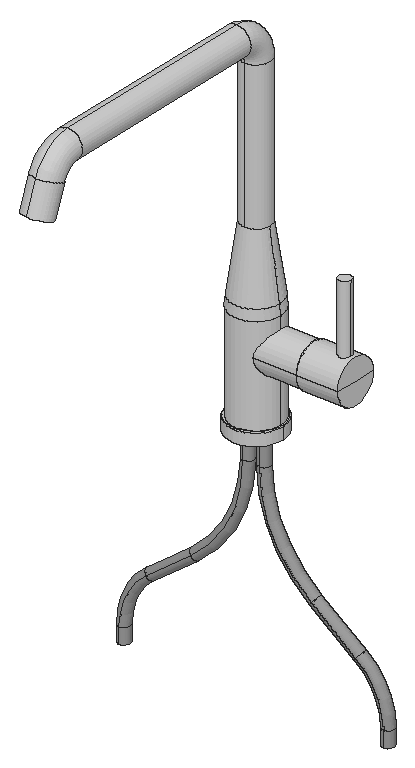
Revit family "Plumbing_Fixtures_Grohe_Essence_Single_Lever_Basin_Mixer_U_Spout_(L)_30269000-14-METRIC", category Plumbing Fixtures, host Face, Revit 2014
Parameters
  _distributed by = "www.bimstore.co.uk"
  _current revision = 1  # constant formula
  _created by = "Connor Laing"  # constant formula
  _BIMspec_GUID = 0
  Width = 220 mm
  Waste Connection = no
  WarrantyStartDate [instance] = ""
  WarrantyGuarantorParts = ""
  WarrantyGuarantorLabor = ""
  WarrantyDurationUnit = "Years"  # constant formula
  WarrantyDurationParts = ""
  WarrantyDurationLabor = ""
  WarrantyDescription = ""
  WFU = 0
  Vent Connection = no
  URL = "www.grohe.com"
  TypeName = Model  # "Essence OHM - Single Lever Basin Mixer U Spout Large - 30269000"
  Type Comments = Description  # "Single Lever Basin Mixer U Spout (Large)"
  TagNumber = ""
  SpareParts = ""
  Size = ""
  Shape = ""
  SerialNumber [instance] = ""
  ReplacementCost = ""
  ReferencedStandard = ""
  ProductionYear = ""
  Percentage of Recycled Content = ""
  Name = Model  # "Essence OHM - Single Lever Basin Mixer U Spout Large - 30269000"
  NBSReference = "45-35-70/371"  # constant formula
  NBSObjectName = "Washbasin taps"  # constant formula
  NBSNote = ""
  NBSDescription = "Water supply fittings for wash basins and troughs"  # constant formula
  ModelNumber = "30269000"  # constant formula
  Model = "Essence OHM - Single Lever Basin Mixer U Spout Large - 30269000"  # constant formula
  Material = "Chrome"  # constant formula
  Manufacturer = "Grohe"  # constant formula
  Low Emitting Material = no
  LEED Credit = ""
  Keynote = "N13"
  InstallationDate [instance] = ""
  Height = 300 mm
  HWFU = 0
  HW Connection = yes
  Grade = ""
  Finish = "Chrome"  # constant formula
  Features = ""
  Faucet Material = Grohe-Chrome
  Extidentifier = ""
  ExpectedLife = 0
  DurationUnit = "Years"  # constant formula
  DocumentationTechnical = "http://www.grohe.co.uk/pim/profile/1000000/000000/20000/3000/200/121897.pdf"
  DocumentationLiterature = "http://www.grohe.co.uk/pim/profile/1000000/000000/20000/3000/200/121897.pdf"
  DocumentationInstallationGuide = "http://cdn08.grohe.com/lib/1/tpi/1852290.pdf"
  DocumentationCertificates = "http://www.grohe.co.uk/en_gb/essence-plus-single-lever-sink-mixer-1-2-30269000.html"
  Description = "Single Lever Basin Mixer U Spout (Large)"  # constant formula
  Default Elevation = 600 mm
  CreatedOn = "August 2015"  # constant formula
  CreatedBy = "info-uk@grohe.com"  # constant formula
  Cost = 0
  Contact Grohe = "GROHE Limited, World Business Centre 2, Newall Road, London Heathrow Airport, Hounslow, Middlesex, TW6 2SF - Tel: +44 (0) 871 200 3414 - Fax: +44 (0) 871 200 3415 - EMail: info-uk@grohe.com"  # constant formula
  Constituents = ""
  Color = "Chrome"  # constant formula
  CodePerformance = ""
  ClassificationValue = "Pr_40_20_87_98"  # constant formula
  ClassificationName = "Uniclass 2015"  # constant formula
  CWFU = 0
  CW Connection = yes
  BarCode [instance] = ""
  AssetType = "Fixed"  # constant formula
  AssetIdentifier [instance] = ""
  Assembly Code = "C1030220"
  AccessibilityPerformance = ""
Reference planes
  plane 1 "Center (Front/Back)": y = 0
  plane 2: z = 0
  plane 3 "Center (Left/Right)": x = 0
  plane 4: z = 0
  plane 5: z = 10
  plane 6: z = 62.512
  plane 7: z = 250
  plane 8: z = 300
  plane 9: y = -220
Forms (mm)
  Revolve 1, solid, material "Grohe-Chrome" <- "Faucet Material"
    sketch origin (-250, 0, 0) x (1, 0, 0) y (0, 0, 1)
      loop
        line (270, 10) -> (270, 88.925)
        arc (270, 88.925) -> (269.819, 93.18) -> (269.276, 97.405) r 50
        arc (269.276, 97.405) -> (265.009, 124.127) -> (261.39, 150.945) r 1117.869
        line (261.39, 150.945) -> (250, 150.945) -> (250, 0) -> (272, 0) -> (272, 9.5)
        arc (272, 9.5) -> (271.854, 9.854) -> (271.5, 10) r 0.5
        line (271.5, 10) -> (270, 10)
      axis (250, 150.945) -> (250, 0)
    angle from 0 to 360
  Sweep 2, solid, material "Grohe-Pipework"
    path in 3D
      loop
        line (6.565, 0, 0) -> (6.565, 0, -22.649)
        arc (6.565, 0, -22.649) -> (17.597, 0, -69.5) -> (48.375, 0, -106.506) r 105
        line (48.375, 0, -106.506) -> (84.495, 0, -133.724)
        arc (84.495, 0, -133.724) -> (100.616, 0, -153.108) -> (106.395, 0, -177.649) r 55
        line (106.395, 0, -177.649) -> (106.395, 0, -190.227)
    profile origin (6.565, 0, -11.324) x (0, -1, 0) y (1, 0, 0)
      loop
        circle (0, 0) r 4.75
  Sweep 3, solid, material "Grohe-Pipework"
    path in 3D
      loop
        line (-6.56, 0, 0) -> (-6.56, 0, -22.649)
        arc (-6.56, 0, -22.649) -> (-17.592, 0, -69.5) -> (-48.369, 0, -106.506) r 105
        line (-48.369, 0, -106.506) -> (-84.489, 0, -133.724)
        arc (-84.489, 0, -133.724) -> (-100.611, 0, -153.108) -> (-106.389, 0, -177.649) r 55
        line (-106.389, 0, -177.649) -> (-106.389, 0, -190.227)
    profile origin (-6.56, 0, -11.324) x (0, -1, 0) y (1, 0, 0)
      loop
        circle (0, 0) r 4.75
  Sweep 4, solid, material "Grohe-Chrome" <- "Faucet Material"
    path in 3D
      loop
        line (0, 0, 150.945) -> (0, 0, 269.199)
        arc (0, 0, 269.199) -> (0, -5.726, 283.024) -> (0, -19.551, 288.75) r 19.551
        line (0, -19.551, 288.75) -> (0, -189.24, 288.75)
        arc (0, -189.24, 288.75) -> (0, -202.267, 284.705) -> (0, -210.712, 273.992) r 23
        line (0, -210.712, 273.992) -> (0, -219.922, 250)
    profile origin (0, 0, 210.072) x (0, -1, 0) y (1, 0, 0)
      loop
        circle (0, 0) r 11.39
  Revolve 5, solid, material "Grohe-Chrome" <- "Faucet Material"
    sketch origin (-94.223, -4571.753, 62.512) x (-1, 0, 0) y (0, -1, 0)
      loop
        line (-94.223, -4588.654) -> (-94.223, -4571.753) -> (-174.223, -4571.753) -> (-174.223, -4589.329) -> (-141.078, -4589.329)
        arc (-141.078, -4589.329) -> (-140.768, -4589.121) -> (-140.841, -4588.755) r 0.336
        line (-140.841, -4588.755) -> (-141.645, -4588.654) -> (-94.223, -4588.654)
      axis (-174.223, -4571.753) -> (-94.223, -4571.753)
    angle from 0 to 360
  Extrusion 6, solid, material "Grohe-Chrome" <- "Faucet Material"
    sketch origin (-93.911, -4572, 62.512) x (-1, 0, 0) y (0, -1, 0)
      loop
        circle (-165.619, -4572) r 5
    from 0 to 71.553
  Extrusion 7, void
    sketch origin (-3.087, 0, -7.325) x (1, 0, 0) y (0, 0, 1)
      loop
        line (68.123, 140.001) -> (68.123, 129.131)
        arc (68.123, 129.131) -> (71.582, 134.566) -> (68.123, 140.001) r 6
    from -6.478 to 8.27
  Sweep 8, void
    path in 3D
      loop
        line (0, -216.223, 259.635) -> (0, -219.922, 250)
    profile origin (0, -218.072, 254.818) x (0, 0.93358, -0.358368) y (1, 0, 0)
      loop
        circle (0, 0) r 8
Cuts and joins
  Extrusion 7, Sweep 8 cuts Revolve 1
  Extrusion 7, Sweep 8 cuts Sweep 4
  Extrusion 7, Sweep 8 cuts Revolve 5
  Extrusion 7, Sweep 8 cuts Extrusion 6
  joined: Revolve 1, Sweep 4, Revolve 5, Extrusion 6
Lines and regions (mm)
  sketch lines
    curve 1: line (6.565, 0, 0) -> (6.565, 0, -22.649)
    curve 2: arc (48.375, 0, -106.506) -> (17.597, 0, -69.5) -> (6.565, 0, -22.649) r 105
    curve 3: line (48.375, 0, -106.506) -> (84.495, 0, -133.724)
    curve 4: arc (106.395, 0, -177.649) -> (100.616, 0, -153.108) -> (84.495, 0, -133.724) r 55
    curve 5: line (106.395, 0, -177.649) -> (106.395, 0, -190.227)
    curve 6: line (-6.56, 0, 0) -> (-6.56, 0, -22.649)
    curve 7: arc (-48.369, 0, -106.506) -> (-17.592, 0, -69.5) -> (-6.56, 0, -22.649) r 105
    curve 8: line (-48.369, 0, -106.506) -> (-84.489, 0, -133.724)
    curve 9: arc (-106.389, 0, -177.649) -> (-100.611, 0, -153.108) -> (-84.489, 0, -133.724) r 55
    curve 10: line (-106.389, 0, -177.649) -> (-106.389, 0, -190.227)
    curve 15: line (0, 0, 150.945) -> (0, 0, 269.199)
    curve 16: arc (0, 0, 269.199) -> (0, -5.726, 283.024) -> (0, -19.551, 288.75) r 19.551
    curve 17: line (0, -216.223, 259.635) -> (0, -219.922, 250)
    curve 19: line (0, -19.551, 288.75) -> (0, -189.24, 288.75)
    curve 20: arc (0, -189.24, 288.75) -> (0, -202.267, 284.705) -> (0, -210.712, 273.992) r 23
    curve 21: line (0, -210.712, 273.992) -> (0, -219.922, 250)
  reference lines
    curve 11: line (0, 0, 150.945) -> (0, 0, 269.199)
    curve 12: line (0, -19.551, 288.75) -> (0, -189.24, 288.75)
    curve 13: line (0, -210.712, 273.992) -> (0, -219.922, 250)
    curve 14: arc (0, 0, 269.199) -> (0, -5.726, 283.024) -> (0, -19.551, 288.75) r 19.551
    curve 18: arc (0, -189.24, 288.75) -> (0, -202.267, 284.705) -> (0, -210.712, 273.992) r 23
Dimensions and locks
  plane 7 to host face = 250 mm
  plane 8 to host face = 300 mm
  aligned and locked: plane 2 to host face
  aligned and locked: level to host face
  aligned and locked: Revolve 1 sketch curve to curve 11
Connectors
  piping at (-106.389, 0, -190.227), diameter 10
    settings: on Sweep 3, index 3, connector inside diameter 0.3937", connector length 0 mm, flow factor 0, pipe flow 0 GPM, pressure drop 3.00 psi, fitting loss kfactor 0, connector angle 0.00°, fixture units 0, engagement length 0 mm, angle of deflection 0.00°, flow configuration 0, flow direction 1, fitting loss method 4, system type 19, joint type 0, gender type 0, connector reference index -1, connector utility 0, adjustable connector no, is connector primary yes, connector description ""
  piping at (106.395, 0, -190.227), diameter 10
    settings: on Sweep 2, index 4, connector inside diameter 0.3937", connector length 0 mm, flow factor 0, pipe flow 0 GPM, pressure drop 3.00 psi, fitting loss kfactor 0, connector angle 0.00°, fixture units 0, engagement length 0 mm, angle of deflection 0.00°, flow configuration 0, flow direction 1, fitting loss method 4, system type 20, joint type 0, gender type 0, connector reference index -1, connector utility 0, adjustable connector no, is connector primary no, connector description ""
